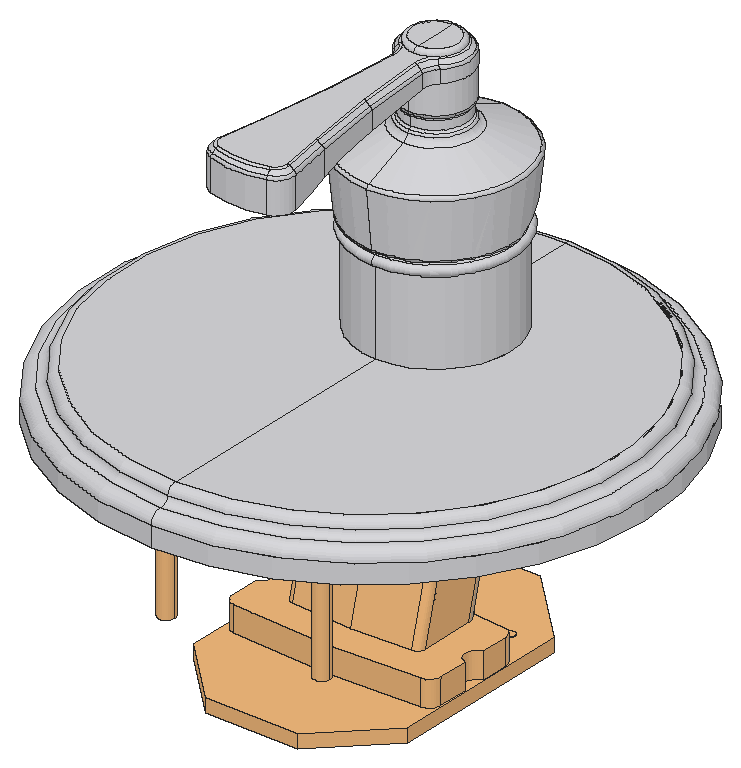
Revit family "Shower-Valve_Trim-KOHLER-MODULO-K-72808T", category Plumbing Fixtures, host Face, Revit 2017
Family settings
  Host = Face
  Round Connector Dimension = Use Diameter
  Part Type = Normal
  OmniClass Number = 23.31.25.00
  OmniClass Title = Toilet and Bath Specialties
  Cut with Voids When Loaded = No
  Shared = No
  Room Calculation Point = No
Parameters (values of type "CP-Polished Chrome")
  Width = 7 11/128"  # constant formula
  WaterSense Certified = 1 = 0  # no
  Waste Water Outlet = "Waste Water Outlet"  # constant formula
  Waste Connection = 1 = 0  # no
  Vent Connection = 1 = 0  # no
  URL = "http://www.kohler.com.cn/"
  Type = 1
  Tempered Water Outlet 2 = "Tempered Water Outlet 2"  # constant formula
  Tempered Water Outlet 1 = "Tempered Water Outlet 1"  # constant formula
  Product Page URL = ""
  Product Name = "MODULO"  # constant formula
  Product Documentation Link = ""
  Pressure = 0.00 psi
  Model = "K-72808T-4-CP"  # constant formula
  Material = "Premium Metal Construction"  # constant formula
  Master Format 2014 Name = "Toilet, Bath, and Laundry Accessories"  # constant formula
  Master Format 2014 = "10 28 00"  # constant formula
  Manufacturer Address = "Kohler Beijing Office (100016) 36-2-03-B, No. 88, Liuxiang Road, Beijing"  # constant formula
  Manufacturer = "KOHLER Co."  # constant formula
  Length = 3 55/64"  # constant formula
  Hot Water Inlet = "Hot Water Inlet"  # constant formula
  Height = 7 11/128"  # constant formula
  Handle Clearance = 3 29/128"  # constant formula
  HW Connection = 1 = 1  # yes
  Flow Rate = 0 GPM
  Finish = Kohler-Metal-CP-Polished_Chrome
  Environmental Product Declaration = ""
  Drain Included = 1 = 0  # no
  Description = "Classic Shower Only Trim and Valve"  # constant formula
  Default Elevation = 42"
  Declare Label = ""
  Date Modified = "07/30/2020"  # constant formula
  Date Created = "07/30/2020"  # constant formula
  Copyright = "Copyright KOHLER Co."  # constant formula
  Contact Us = "http://www.kohler.com.cn/contact/contact-us/"
  Cold Water Inlet = "Cold Water Inlet"  # constant formula
  CW Connection = 1 = 1  # yes
  Assembly Code = "D2010700"
  ADA Compliant = 1 = 0  # no
Reference planes (in)
  plane 1 "Center (Front/Back)": y = 0
  plane 2: z = 0
  plane 3 "Center (Left/Right)": x = 0
  plane 4: y = 3.5433071
  plane 5: y = -3.5426304
  plane 6: y = 1.0433071
  plane 7: y = 2.0079287
  plane 8: y = 0.0786855
  plane 9: x = -0.963426
  plane 10: x = 0.963426
  plane 11: y = -2.1832554
  plane 12: x = -3.5433071
  plane 13: x = 3.5426304
  plane 14: z = -2.84375
  plane 15: z = 0.5905512
  plane 16: z = 3.859375
Forms (in)
  Extrusion 1, void
    sketch origin (0, 0, 0) x (1, 0, 0) y (0, 1, 0)
      loop
        arc (-1.9747094, -2.0096923) -> (-1.6818162, -2.7167991) -> (-0.9747094, -3.0096923) r 1
        line (-0.9747094, -3.0096923) -> (0.9622984, -3.0096923)
        arc (0.9622984, -3.0096923) -> (1.6694052, -2.7167991) -> (1.9622984, -2.0096923) r 1
        line (1.9622984, -2.0096923) -> (1.9622984, 2.0121457)
        arc (1.9622984, 2.0121457) -> (1.6694052, 2.7192525) -> (0.9622984, 3.0121457) r 1
        line (0.9622984, 3.0121457) -> (-0.9747094, 3.0121457)
        arc (-0.9747094, 3.0121457) -> (-1.6818162, 2.7192525) -> (-1.9747094, 2.0121457) r 1
        line (-1.9747094, 2.0121457) -> (-1.9747094, -2.0096923)
    from 0 to -2.84375
Dimensions and locks (in)
  "Width": plane 12 to plane 13
  "Height": plane 4 to plane 5
  locked: plane 15 to plane 2 at 0.5905512
  "Handle Clearance": plane 6 to plane 11
  "Length": plane 16 to plane 2
  aligned and locked: plane 2 to host face
  aligned and locked: level to host face
Automatic sketch dimensions
  host sketch curve to host sketch curve = 96"  (x2)
  Extrusion 1 sketch curve to plane 11 = 0.17356"  (x2)
  Extrusion 1 sketch curve to plane 9 = 1.01128"
  Extrusion 1 sketch curve to plane 9 = 0.01128"  (x2)
  plane 10 to Extrusion 1 sketch curve = 0.00113"  (x2)
  Extrusion 1 sketch curve to plane 7 = 0.00422"
Nested families (in)
  nested 1: "K-72808T" at (0, 0, 0), type "K-72808T"
Connectors (in)
  piping at (-0.963426, 1.0433071, -2.84375), diameter 0.5, driven by "HW Connection", driven by "Hot Water Inlet"
    settings: on nested 1, index 1, connector inside diameter 24", connector length 0", flow factor 0, pipe flow 0 GPM, pressure drop 0.00 psi, fitting loss kfactor 0, connector angle 0.00°, fixture units 0, engagement length 0", angle of deflection 0.00°, flow configuration 0, flow direction 1, fitting loss method 0, system type 19, joint type 0, gender type 0, connector reference index -1, connector utility 1, adjustable connector no, is connector primary yes, connector description "Hot Water Inlet"
  piping at (0, 0, -2.84375), diameter 0.5, driven by "HW Connection", driven by "Tempered Water Outlet 2"
    settings: on nested 1, index 2, connector inside diameter 24", connector length 0", flow factor 0, pipe flow 0 GPM, pressure drop 0.00 psi, fitting loss kfactor 0, connector angle 0.00°, fixture units 0, engagement length 0", angle of deflection 0.00°, flow configuration 0, flow direction 2, fitting loss method 0, system type 19, joint type 0, gender type 0, connector reference index -1, connector utility 1, adjustable connector no, is connector primary no, connector description "Tempered Water Outlet 2"
  piping at (0.963426, 1.0433071, -2.84375), diameter 0.5, driven by "CW Connection", driven by "Cold Water Inlet"
    settings: on nested 1, index 3, connector inside diameter 24", connector length 0", flow factor 0, pipe flow 0 GPM, pressure drop 0.00 psi, fitting loss kfactor 0, connector angle 0.00°, fixture units 0, engagement length 0", angle of deflection 0.00°, flow configuration 0, flow direction 1, fitting loss method 0, system type 20, joint type 0, gender type 0, connector reference index -1, connector utility 1, adjustable connector no, is connector primary no, connector description "Cold Water Inlet"
  piping at (0, 2.0079287, -2.84375), diameter 0.5, driven by "HW Connection", driven by "Tempered Water Outlet 1"
    settings: on nested 1, index 4, connector inside diameter 24", connector length 0", flow factor 0, pipe flow 0 GPM, pressure drop 0.00 psi, fitting loss kfactor 0, connector angle 0.00°, fixture units 0, engagement length 0", angle of deflection 0.00°, flow configuration 0, flow direction 2, fitting loss method 0, system type 19, joint type 0, gender type 0, connector reference index -1, connector utility 1, adjustable connector no, is connector primary no, connector description "Tempered Water Outlet 1"
Definition of nested family "K-72808T"
  Parameters (values of type "K-72808T")
    Material = none
  Reference planes (in)
    plane 1 "Center (Front/Back)": y = 0
    plane 2: z = 0
    plane 3 "Center (Left/Right)": x = 0
    plane 4: x = -3.5433071
    plane 5: x = 3.5433071
    plane 6: y = 3.5433071
    plane 7: y = -3.5433071
    plane 8: z = 0.5905512
    plane 9: x = -0.963426
    plane 10: x = 0.963426
    plane 11: z = 3.8582677
    plane 12: y = 1.0433071
    plane 13: y = -2.1850394
    plane 14: y = 0.0786855
    plane 15: y = 2.0079287
  Forms (in)
    Revolve 1, solid, material <- "Material", detail levels medium+fine
      sketch origin (0, 0, 0) x (0, 1, 0) y (0, 0, 1)
        loop
          line (0, 0.5905512) -> (0, 0) -> (3.5433071, 0) -> (3.5433071, 0.2491739)
          arc (3.5433071, 0.2491739) -> (3.4952503, 0.3572053) -> (3.3828346, 0.393852) r 0.1454554
          arc (3.3828346, 0.393852) -> (3.3095899, 0.4155773) -> (3.2730358, 0.4826636) r 0.1000437
          arc (3.2730358, 0.4826636) -> (3.2336493, 0.5596192) -> (3.1529233, 0.5905512) r 0.1208051
          line (3.1529233, 0.5905512) -> (0, 0.5905512)
        axis (0, 0.5905512) -> (0, 0)
      angle from 0 to 360
    Extrusion 2, void
      sketch origin (0, 0, 0) x (0, 1, 0) y (0, 0, 1)
        loop
          line (2.1844029, 2.3905337) -> (0.8783445, 1.7535264) -> (2.128672, 1.7535264) -> (2.1844029, 2.3905337)
      from -1.107446 to 1.1761075
    Revolve 3, solid, material <- "Material", detail levels medium+fine
      sketch origin (0, 0, 0) x (0, 1, 0) y (0, 0, 1)
        loop
          line (1.0433071, 2.3622047) -> (0.337928, 2.3622047)
          arc (0.337928, 2.3622047) -> (0.2828214, 2.3478194) -> (0.2417775, 2.3083343) r 0.1127422
          arc (0.2417775, 2.3083343) -> (0.1516667, 2.0851397) -> (0.1390722, 1.8447709) r 0.7297058
          arc (0.1390722, 1.8447709) -> (0.1253206, 1.8051196) -> (0.0857918, 1.79102) r 0.0485276
          arc (0.0857918, 1.79102) -> (0.0201134, 1.7353335) -> (0.0786855, 1.6722151) r 0.0595684
          line (0.0786855, 1.6722151) -> (0.0786855, 0.5905512) -> (1.0433071, 0.5905512) -> (1.0433071, 2.3622047)
        axis (1.0433071, 2.3622047) -> (1.0433071, 0.5905512)
      angle from 0 to 360
    Revolve 4, solid, material <- "Material", detail levels medium+fine
      sketch origin (0, 0, 0) x (0, 1, 0) y (0, 0, 1)
        loop
          line (1.0433071, 1.8503937) -> (1.0433071, 3.5960487) -> (0.6101426, 3.5960487) -> (0.6101426, 3.223076)
          arc (0.6101426, 3.223076) -> (0.6160835, 3.1995603) -> (0.6324804, 3.1816878) r 0.0495117
          arc (0.6324804, 3.1816878) -> (0.6450152, 3.168025) -> (0.6495567, 3.1500481) r 0.0378498
          line (0.6495567, 3.1500481) -> (0.6495567, 3.0355959)
          arc (0.6495567, 3.0355959) -> (0.6440988, 3.0176141) -> (0.6295666, 3.0056998) r 0.0323505
          arc (0.6295666, 3.0056998) -> (0.6132677, 2.9940245) -> (0.6038306, 2.9763352) r 0.0440551
          arc (0.6038306, 2.9763352) -> (0.5775754, 2.9268423) -> (0.5322603, 2.8938968) r 0.1243568
          line (0.5322603, 2.8938968) -> (-0.028858, 2.6557163)
          arc (-0.028858, 2.6557163) -> (-0.0524201, 2.6350529) -> (-0.0590695, 2.6044273) r 0.0500364
          line (-0.0590695, 2.6044273) -> (0.0176272, 1.8747064)
          arc (0.0176272, 1.8747064) -> (0.0264618, 1.8573675) -> (0.0446292, 1.8503937) r 0.0271508
          line (0.0446292, 1.8503937) -> (1.0433071, 1.8503937)
        loop
          line (1.0433071, 3.8582677) -> (1.0433071, 3.9173228) -> (0.7571833, 3.9173228)
          arc (0.7571833, 3.9173228) -> (0.7166459, 3.8998006) -> (0.701635, 3.8582677) r 0.0556524
          line (0.701635, 3.8582677) -> (1.0433071, 3.8582677)
        axis (1.0433071, 3.9173228) -> (1.0433071, 1.8503937)
      angle from 0 to 360
    Sweep 5, solid, material <- "Material", detail levels medium+fine
      path origin (0, -0.4724409, 0) x (1, 0, 0) y (0, 1, 0)
        loop
          arc (-0.3001262, 1.203409) -> (-0.2431844, 1.117522) -> (-0.2282258, 1.0155653) r 0.2362205
          line (-0.2282258, 1.0155653) -> (-0.2951242, 0.1157434)
          arc (-0.2951242, 0.1157434) -> (-0.3452441, -0.3534696) -> (-0.4254602, -0.8184838) r 7.3277672
          arc (-0.4254602, -0.8184838) -> (-0.4800913, -1.1078732) -> (-0.5251796, -1.3989021) r 8.9572646
          arc (-0.5251796, -1.3989021) -> (-0.4907073, -1.5576742) -> (-0.3618467, -1.6566281) r 0.2362205
          arc (-0.3618467, -1.6566281) -> (0.0002549, -1.7118627) -> (0.3622387, -1.6558613) r 1.2061596
          arc (0.3622387, -1.6558613) -> (0.4907604, -1.5568392) -> (0.5250921, -1.3982688) r 0.2362205
          arc (0.5250921, -1.3982688) -> (0.4800372, -1.1075582) -> (0.4254602, -0.8184838) r 8.9572646
          arc (0.4254602, -0.8184838) -> (0.3452441, -0.3534696) -> (0.2951242, 0.1157434) r 7.3277672
          line (0.2951242, 0.1157434) -> (0.2282258, 1.0155653)
          arc (0.2282258, 1.0155653) -> (0.2431844, 1.117522) -> (0.3001262, 1.203409) r 0.2362205
          arc (0.3001262, 1.203409) -> (0, 1.9489125) -> (-0.3001262, 1.203409) r 0.4331644
      profile origin (0, 1.4764715, 0) x (0, 1, 0) y (0, 0, 1)
        loop
          arc (0, 3.7559212) -> (-0.0045589, 3.7788403) -> (-0.0175415, 3.7982701) r 0.0598904
          line (-0.0175415, 3.7982701) -> (-0.0649969, 3.8457256)
          arc (-0.0649969, 3.8457256) -> (-0.0788893, 3.8550081) -> (-0.0952764, 3.8582677) r 0.0428216
          line (-0.0952764, 3.8582677) -> (-0.1274979, 3.8582677) -> (-0.1274979, 3.3547716) -> (0, 3.3547716) -> (0, 3.7559212)
    Extrusion 6, solid, material <- "Material", detail levels medium+fine
      sketch origin (0, 0, 0) x (1, 0, 0) y (0, 1, 0)
        loop
          arc (0.3238399, -2.0067241) -> (0.3829932, -1.9611483) -> (0.3987946, -1.8881649) r 0.1087225
          arc (0.3987946, -1.8881649) -> (0.3543811, -1.6015922) -> (0.3005809, -1.3166326) r 8.8297667
          arc (0.3005809, -1.3166326) -> (0.2189692, -0.8435274) -> (0.1679772, -0.3661505) r 7.4552651
          line (0.1679772, -0.3661505) -> (0.1010787, 0.5336714)
          arc (0.1010787, 0.5336714) -> (0.1241112, 0.6906584) -> (0.2117869, 0.8229021) r 0.3637184
          arc (0.2117869, 0.8229021) -> (0, 1.3489736) -> (-0.2117869, 0.8229021) r 0.3056665
          arc (-0.2117869, 0.8229021) -> (-0.1241112, 0.6906584) -> (-0.1010787, 0.5336714) r 0.3637184
          line (-0.1010787, 0.5336714) -> (-0.1679772, -0.3661505)
          arc (-0.1679772, -0.3661505) -> (-0.2189692, -0.8435274) -> (-0.3005809, -1.3166326) r 7.4552651
          arc (-0.3005809, -1.3166326) -> (-0.3544344, -1.6019027) -> (-0.3988809, -1.8887891) r 8.8297667
          arc (-0.3988809, -1.8887891) -> (-0.3830147, -1.9618654) -> (-0.3237055, -2.0074098) r 0.1087225
          arc (-0.3237055, -2.0074098) -> (0.0001199, -2.0568058) -> (0.3238399, -2.0067241) r 1.0786617
      from 3.3547716 to 3.8582677
    Extrusion 7, void
      sketch origin (0, 0, 0) x (0, 1, 0) y (0, 0, 1)
        loop
          line (0.6308972, 3.5925226) -> (-0.6297933, 3.5043665)
          arc (-0.6297933, 3.5043665) -> (-1.6422513, 3.3903765) -> (-2.6414553, 3.1912379) r 12.0461767
          line (-2.6414553, 3.1912379) -> (1.8041904, 3.1912379) -> (1.8041904, 3.5960487) -> (0.7318711, 3.5960487)
          arc (0.7318711, 3.5960487) -> (0.6813534, 3.5951669) -> (0.6308972, 3.5925226) r 1.4475207
      from -0.7885205 to 1.0178534
    Extrusion 8, solid, detail levels medium+fine
      sketch origin (-0.0039572, 0.0039234, 0) x (1, 0, 0) y (0, 1, 0)
        loop
          line (-0.9707522, -3.0153997) -> (0.9662556, -3.0153997)
          arc (0.9662556, -3.0153997) -> (1.6733624, -2.7225065) -> (1.9662556, -2.0153997) r 1
          line (1.9662556, -2.0153997) -> (1.9662556, 2.0082223)
          arc (1.9662556, 2.0082223) -> (1.6733624, 2.7153291) -> (0.9662556, 3.0082223) r 1
          line (0.9662556, 3.0082223) -> (-0.9707522, 3.0082223)
          arc (-0.9707522, 3.0082223) -> (-1.677859, 2.7153291) -> (-1.9707522, 2.0082223) r 1
          line (-1.9707522, 2.0082223) -> (-1.9707522, -2.0153997)
          arc (-1.9707522, -2.0153997) -> (-1.677859, -2.7225065) -> (-0.9707522, -3.0153997) r 1
      from -0.0798207 to 0
    Extrusion 9, solid, detail levels medium+fine
      sketch origin (0.0054305, 0.002442, 0) x (1, 0, 0) y (0, 1, 0)
        loop
          circle (1.0016763, 2.0434171) r 0.1027134
        loop
          circle (1.0016763, -2.0505944) r 0.1027134
        loop
          circle (-1.0061729, 2.0434171) r 0.1027134
        loop
          circle (-1.0061729, -2.0505944) r 0.1027134
      from -1.7904444 to -0.0798207
    Sweep 10, solid, detail levels medium+fine
      path origin (0.0029841, 0.0079775, -0.0047873) x (0, 1, 0) y (0, 0, 1)
        loop
          line (0.7831082, -2.7950176) -> (1.5334168, 0.005172)
      profile origin (0.0029841, 1.16624, -1.3997101) x (0, -0.965926, 0.258819) y (1, 0, 0)
        loop
          arc (0.2520868, 0.4860006) -> (0.2196104, 0.4197748) -> (0.150885, 0.3929904) r 0.1015625
          line (0.150885, 0.3929904) -> (0.1112245, 0.3929904)
          arc (0.1112245, 0.3929904) -> (0.0415443, 0.3649562) -> (0.0106944, 0.296476) r 0.1006136
          line (0.0106944, 0.296476) -> (-0.0014863, -0.0022483) -> (0.0106573, -0.3000624)
          arc (0.0106573, -0.3000624) -> (0.0417981, -0.3691884) -> (0.1121355, -0.397487) r 0.1015625
          line (0.1121355, -0.397487) -> (0.1430725, -0.397487)
          arc (0.1430725, -0.397487) -> (0.2117979, -0.4242714) -> (0.2442743, -0.4904972) r 0.1015625
          line (0.2442743, -0.4904972) -> (0.2694927, -0.7889133)
          arc (0.2694927, -0.7889133) -> (0.3019691, -0.8551391) -> (0.3706945, -0.8819235) r 0.1015625
          line (0.3706945, -0.8819235) -> (1.0518713, -0.8819235)
          arc (1.0518713, -0.8819235) -> (1.1218479, -0.8539695) -> (1.1533039, -0.7854957) r 0.1015625
          line (1.1533039, -0.7854957) -> (1.1929535, -0.0022483) -> (1.1546881, 0.7536554)
          arc (1.1546881, 0.7536554) -> (1.1232321, 0.8221292) -> (1.0532555, 0.8500831) r 0.1015625
          line (1.0532555, 0.8500831) -> (0.3761962, 0.8500831)
          arc (0.3761962, 0.8500831) -> (0.3074709, 0.8232988) -> (0.2749944, 0.757073) r 0.1015625
          line (0.2749944, 0.757073) -> (0.2520868, 0.4860006)
    Extrusion 11, solid, detail levels medium+fine
      sketch origin (-0.0095638, -0.0002531, 0) x (1, 0, 0) y (0, 1, 0)
        loop
          arc (0.694391, 0.6972373) -> (0.6188357, 0.734497) -> (0.5883029, 0.8130121) r 0.1162171
          line (0.5883029, 0.8130121) -> (0.5883029, 0.8663198)
          arc (0.5883029, 0.8663198) -> (0.5338062, 1.0019141) -> (0.4006311, 1.0620812) r 0.1959357
          line (0.4006311, 1.0620812) -> (-0.0022483, 1.0790885) -> (-0.4057246, 1.062056)
          arc (-0.4057246, 1.062056) -> (-0.5384762, 1.0020802) -> (-0.5927995, 0.8669173) r 0.1953125
          line (-0.5927995, 0.8669173) -> (-0.5927995, 0.8139014)
          arc (-0.5927995, 0.8139014) -> (-0.6235873, 0.7347306) -> (-0.6997734, 0.6971598) r 0.1171875
          line (-0.6997734, 0.6971598) -> (-1.2151732, 0.6520682)
          arc (-1.2151732, 0.6520682) -> (-1.3116756, 0.6044784) -> (-1.3506735, 0.5041955) r 0.1484375
          line (-1.3506735, 0.5041955) -> (-1.3506735, 0.1460047)
          arc (-1.3506735, 0.1460047) -> (-1.2431925, -0.0035887) -> (-1.3506735, -0.153182) r 0.1578434
          line (-1.3506735, -0.153182) -> (-1.3506735, -0.5323436)
          arc (-1.3506735, -0.5323436) -> (-1.3099088, -0.6345212) -> (-1.2100046, -0.6805777) r 0.1484375
          line (-1.2100046, -0.6805777) -> (-0.0022483, -0.7438735) -> (1.205508, -0.6805777)
          arc (1.205508, -0.6805777) -> (1.3054122, -0.6345212) -> (1.3461769, -0.5323436) r 0.1484375
          line (1.3461769, -0.5323436) -> (1.3461769, -0.153182)
          arc (1.3461769, -0.153182) -> (1.2367418, -0.0035887) -> (1.3461769, 0.1460047) r 0.1569616
          line (1.3461769, 0.1460047) -> (1.3461769, 0.5037125)
          arc (1.3461769, 0.5037125) -> (1.3070405, 0.6043515) -> (1.2101955, 0.6521102) r 0.1489646
          line (1.2101955, 0.6521102) -> (0.694391, 0.6972373)
      from -2.8219867 to -2.3488909
    Extrusion 12, solid, detail levels medium+fine
      sketch origin (-0.0135013, 0.073192, 0) x (1, 0, 0) y (0, 1, 0)
        loop
          line (-1.3802011, 1.1775137) -> (-1.3802011, -1.184691) -> (-0.5927995, -1.9720926) -> (0.5883029, -1.9720926) -> (1.3757045, -1.184691) -> (1.3757045, 1.1775137) -> (0.4652714, 2.0879468) -> (-0.469768, 2.0879468) -> (-1.3802011, 1.1775137)
      from -2.84375 to -2.6771654
    Extrusion 13, void
      sketch origin (0, 0, 0) x (0, 1, 0) y (0, 0, 1)
        loop
          line (1.7428469, -0.0798207) -> (1.7428469, 0.7075809) -> (0.0678894, 0.7075809) -> (0.0678894, -0.0798207) -> (1.7428469, -0.0798207)
      from -3.6901021 to 4.033548
    Extrusion 14, solid, detail levels coarse
      sketch origin (0, 0, 0) x (1, 0, 0) y (0, 1, 0)
        loop
          line (-1.3937024, 1.2507057) -> (-1.3937024, -1.1114991) -> (-0.6063008, -1.8989006) -> (0.5748015, -1.8989006) -> (1.3622031, -1.1114991) -> (1.3622031, 1.2507057) -> (0.45177, 2.1611387) -> (-0.4832693, 2.1611387) -> (-1.3937024, 1.2507057)
      from 0 to -2.84375
    Extrusion 15, solid, material <- "Material", detail levels coarse
      sketch origin (0, 0, 0) x (1, 0, 0) y (0, 1, 0)
        loop
          circle (0, 0) r 3.5433071
      from 0 to 0.5905512
    Revolve 16, solid, material <- "Material", detail levels coarse
      sketch origin (0, 0, 0) x (0, 1, 0) y (0, 0, 1)
        loop
          line (1.0433071, 3.8582677) -> (0.6101426, 3.8582677) -> (0.6101426, 2.9256093) -> (-0.0605174, 2.640931) -> (0.0079539, 1.8583004) -> (0.0786855, 1.8583004) -> (0.0786855, 0.5905512) -> (1.0433071, 0.5905512) -> (1.0433071, 3.8582677)
        axis (1.0433071, 0.5905512) -> (1.0433071, 3.8582677)
      angle from 0 to 360
    Extrusion 17, solid, material <- "Material", detail levels coarse
      sketch origin (0, 0, 0) x (1, 0, 0) y (0, 1, 0)
        loop
          arc (-0.4254602, -1.2909248) -> (-0.4392836, -1.359426) -> (-0.4525722, -1.4280329) r 8.9572646
          line (-0.4525722, -1.4280329) -> (-0.5239228, -1.8785231)
          arc (-0.5239228, -1.8785231) -> (-0.4973917, -2.0227411) -> (-0.3862677, -2.1184186) r 0.2204724
          arc (-0.3862677, -2.1184186) -> (-0.1959853, -2.1682621) -> (0, -2.1850394) r 1.1531013
          arc (0, -2.1850394) -> (0.184534, -2.1716595) -> (0.3652078, -2.1318) r 1.2792326
          arc (0.3652078, -2.1318) -> (0.4914821, -2.02882) -> (0.5223885, -1.868836) r 0.2389621
          line (0.5223885, -1.868836) -> (0.4525722, -1.4280329)
          arc (0.4525722, -1.4280329) -> (0.4392836, -1.359426) -> (0.4254602, -1.2909248) r 8.9572646
          arc (0.4254602, -1.2909248) -> (0.3452441, -0.8259106) -> (0.2951242, -0.3566976) r 7.3277672
          line (0.2951242, -0.3566976) -> (0.191039, 1.0433071) -> (-0.191039, 1.0433071) -> (-0.2951242, -0.3566976)
          arc (-0.2951242, -0.3566976) -> (-0.3452441, -0.8259106) -> (-0.4254602, -1.2909248) r 7.3277672
      from 3.5962119 to 3.8582677
    Extrusion 18, solid, detail levels medium+fine
      sketch origin (0, 0, 0) x (1, 0, 0) y (0, 1, 0)
        loop
          circle (-0.963426, 1.0433071) r 0.0493939
        loop
          circle (0, 0) r 0.0478892
        loop
          circle (0.963426, 1.0433071) r 0.0632344
        loop
          circle (0, 2.0079287) r 0.0617061
      from -2.6771654 to -2.84375
  Cuts and joins
    Extrusion 2 cuts Revolve 4
    Extrusion 13 cuts Sweep 10
    joined: Extrusion 8, Extrusion 9, Sweep 10, Extrusion 11, Extrusion 12
    Extrusion 7 cuts Sweep 5
    Extrusion 7 cuts Extrusion 6
    joined: Revolve 1, Revolve 3, Sweep 5, Extrusion 6
    joined: Extrusion 15, Revolve 16, Extrusion 17
  Lines and regions (in)
    Masking region 1
      outline origin (0, 0, 0) x (0, 1, 0) y (0, 0, 1)
        loop
          line (3.5433071, 0) -> (3.5433071, 0.2491739)
          arc (3.5433071, 0.2491739) -> (3.4952503, 0.3572053) -> (3.3828346, 0.393852) r 0.1454554
          arc (3.3828346, 0.393852) -> (3.3095899, 0.4155773) -> (3.2730358, 0.4826636) r 0.1000437
          arc (3.2730358, 0.4826636) -> (3.2336493, 0.5596192) -> (3.1529233, 0.5905512) r 0.1208051
          line (3.1529233, 0.5905512) -> (2.0079287, 0.5905512) -> (2.0079287, 1.6722151)
          arc (2.0079287, 1.6722151) -> (2.0681827, 1.7360916) -> (2.0009012, 1.792518) r 0.0603567
          arc (2.0009012, 1.792518) -> (1.9617164, 1.8060283) -> (1.9478413, 1.8450854) r 0.0477726
          arc (1.9478413, 1.8450854) -> (1.9416662, 2.0483448) -> (1.8804337, 2.2422601) r 0.7404933
          line (1.8804337, 2.2422601) -> (2.1223081, 2.3571968) -> (2.1442901, 2.6084521)
          arc (2.1442901, 2.6084521) -> (2.1380513, 2.635475) -> (2.1171204, 2.6536699) r 0.0448741
          line (2.1171204, 2.6536699) -> (1.5735152, 2.8844167)
          arc (1.5735152, 2.8844167) -> (1.5218357, 2.9186485) -> (1.4858915, 2.9691521) r 0.169759
          arc (1.4858915, 2.9691521) -> (1.4728285, 2.9890201) -> (1.4545783, 3.0042618) r 0.0813426
          arc (1.4545783, 3.0042618) -> (1.4418759, 3.0174602) -> (1.4372478, 3.0351839) r 0.0362518
          line (1.4372478, 3.0351839) -> (1.4372478, 3.1501924)
          arc (1.4372478, 3.1501924) -> (1.4414335, 3.167232) -> (1.4530379, 3.180393) r 0.0367764
          arc (1.4530379, 3.180393) -> (1.4702596, 3.1999249) -> (1.4764715, 3.2252131) r 0.0545792
          line (1.4764715, 3.2252131) -> (1.4764715, 3.7575618)
          arc (1.4764715, 3.7575618) -> (1.4722201, 3.778935) -> (1.4601132, 3.7970543) r 0.0558508
          line (1.4601132, 3.7970543) -> (1.414175, 3.8429925)
          arc (1.414175, 3.8429925) -> (1.4007445, 3.8528615) -> (1.3849791, 3.8582677) r 0.0551504
          arc (1.3849791, 3.8582677) -> (1.3702009, 3.899748) -> (1.3298078, 3.9172808) r 0.0552964
          line (1.3298078, 3.9172808) -> (0.7568064, 3.9172808)
          arc (0.7568064, 3.9172808) -> (0.7164132, 3.899748) -> (0.701635, 3.8582677) r 0.0552964
          line (0.701635, 3.8582677) -> (-2.087247, 3.8582677)
          arc (-2.087247, 3.8582677) -> (-2.1046584, 3.8548044) -> (-2.1194191, 3.8449416) r 0.0454982
          line (-2.1194191, 3.8449416) -> (-2.164588, 3.7997727)
          arc (-2.164588, 3.7997727) -> (-2.1791802, 3.7779339) -> (-2.1843043, 3.7521734) r 0.0673155
          line (-2.1843043, 3.7521734) -> (-2.1843043, 3.379787)
          arc (-2.1843043, 3.379787) -> (-2.1769775, 3.3620984) -> (-2.1592889, 3.3547716) r 0.0250154
          line (-2.1592889, 3.3547716) -> (-2.0803775, 3.3547716)
          arc (-2.0803775, 3.3547716) -> (-1.9419288, 3.360362) -> (-1.8043816, 3.3770967) r 1.7171713
          arc (-1.8043816, 3.3770967) -> (-1.2579153, 3.4532832) -> (-0.7085335, 3.5043665) r 12.0461767
          line (-0.7085335, 3.5043665) -> (0.5164915, 3.5900286)
          arc (0.5164915, 3.5900286) -> (0.5823034, 3.5667234) -> (0.6101426, 3.5026975) r 0.0875443
          line (0.6101426, 3.5026975) -> (0.6101426, 3.2252131)
          arc (0.6101426, 3.2252131) -> (0.6163546, 3.1999249) -> (0.6335763, 3.180393) r 0.0545792
          arc (0.6335763, 3.180393) -> (0.6451806, 3.167232) -> (0.6493663, 3.1501924) r 0.0367764
          line (0.6493663, 3.1501924) -> (0.6493663, 3.0351839)
          arc (0.6493663, 3.0351839) -> (0.6447383, 3.0174602) -> (0.6320359, 3.0042618) r 0.0362518
          arc (0.6320359, 3.0042618) -> (0.6137857, 2.9890201) -> (0.6007227, 2.9691521) r 0.0813426
          arc (0.6007227, 2.9691521) -> (0.5647785, 2.9186485) -> (0.513099, 2.8844167) r 0.169759
          line (0.513099, 2.8844167) -> (-0.0305063, 2.6536699)
          arc (-0.0305063, 2.6536699) -> (-0.0514372, 2.635475) -> (-0.0576759, 2.6084521) r 0.0448741
          line (-0.0576759, 2.6084521) -> (0.0049033, 1.8931688)
          arc (0.0049033, 1.8931688) -> (0.0200539, 1.8624463) -> (0.05198, 1.8500309) r 0.0472565
          line (0.05198, 1.8500309) -> (0.1379756, 1.8500309)
          arc (0.1379756, 1.8500309) -> (0.1266309, 1.8078378) -> (0.085713, 1.792518) r 0.0477726
          arc (0.085713, 1.792518) -> (0.0184315, 1.7360916) -> (0.0786855, 1.6722151) r 0.0603567
          line (0.0786855, 1.6722151) -> (0.0786855, 0.5905512) -> (-3.1529233, 0.5905512)
          arc (-3.1529233, 0.5905512) -> (-3.2336493, 0.5596192) -> (-3.2730358, 0.4826636) r 0.1208051
          arc (-3.2730358, 0.4826636) -> (-3.3095899, 0.4155773) -> (-3.3828346, 0.393852) r 0.1000437
          arc (-3.3828346, 0.393852) -> (-3.4952503, 0.3572053) -> (-3.5433071, 0.2491739) r 0.1454554
          line (-3.5433071, 0.2491739) -> (-3.5433071, 0) -> (0, 0) -> (3.5433071, 0)
    Masking region 2
      outline origin (0, 0, 0) x (1, 0, 0) y (0, 0, 1)
        loop
          line (3.5433071, 0) -> (3.5433071, 0.2491739)
          arc (3.5433071, 0.2491739) -> (3.4952503, 0.3572053) -> (3.3828346, 0.393852) r 0.1454554
          arc (3.3828346, 0.393852) -> (3.3095899, 0.4155773) -> (3.2730358, 0.4826636) r 0.1000437
          arc (3.2730358, 0.4826636) -> (3.2336493, 0.5596192) -> (3.1529233, 0.5905512) r 0.1208051
          line (3.1529233, 0.5905512) -> (0.9633657, 0.5905512) -> (0.9633657, 1.6722151)
          arc (0.9633657, 1.6722151) -> (1.0230562, 1.734691) -> (0.9579247, 1.7914721) r 0.0597526
          arc (0.9579247, 1.7914721) -> (0.9159234, 1.8078621) -> (0.9037989, 1.8512871) r 0.050449
          line (0.9037989, 1.8512871) -> (0.9990114, 1.8512871)
          arc (0.9990114, 1.8512871) -> (1.0168942, 1.8581517) -> (1.0255905, 1.875219) r 0.0267255
          line (1.0255905, 1.875219) -> (1.102127, 2.6034155)
          arc (1.102127, 2.6034155) -> (1.0952545, 2.6352265) -> (1.0708524, 2.6567604) r 0.0521244
          line (1.0708524, 2.6567604) -> (0.5038871, 2.9001857)
          arc (0.5038871, 2.9001857) -> (0.4691126, 2.9252075) -> (0.4481716, 2.9625816) r 0.0989634
          arc (0.4481716, 2.9625816) -> (0.4338874, 2.98937) -> (0.4104014, 3.0086071) r 0.0774271
          arc (0.4104014, 3.0086071) -> (0.3983182, 3.020078) -> (0.3938669, 3.0361331) r 0.0311793
          line (0.3938669, 3.0361331) -> (0.3938669, 3.1516876)
          arc (0.3938669, 3.1516876) -> (0.3970932, 3.167196) -> (0.4062368, 3.180131) r 0.0388863
          arc (0.4062368, 3.180131) -> (0.4260486, 3.2081579) -> (0.4330393, 3.2417607) r 0.084257
          line (0.4330393, 3.2417607) -> (0.4330393, 3.3547716) -> (0.5034632, 3.3547716)
          arc (0.5034632, 3.3547716) -> (0.5204586, 3.3618113) -> (0.5274983, 3.3788067) r 0.0240352
          line (0.5274983, 3.3788067) -> (0.5274983, 3.7478437)
          arc (0.5274983, 3.7478437) -> (0.5214502, 3.7782499) -> (0.5042264, 3.8040271) r 0.0794553
          line (0.5042264, 3.8040271) -> (0.4638923, 3.8443612)
          arc (0.4638923, 3.8443612) -> (0.4484888, 3.8546535) -> (0.430319, 3.8582677) r 0.0474798
          line (0.430319, 3.8582677) -> (0.3416721, 3.8582677)
          arc (0.3416721, 3.8582677) -> (0.3259798, 3.8999843) -> (0.2849916, 3.9174913) r 0.056735
          line (0.2849916, 3.9174913) -> (0, 3.9174913) -> (-0.2849916, 3.9174913)
          arc (-0.2849916, 3.9174913) -> (-0.3259798, 3.8999843) -> (-0.3416721, 3.8582677) r 0.056735
          line (-0.3416721, 3.8582677) -> (-0.430319, 3.8582677)
          arc (-0.430319, 3.8582677) -> (-0.4484888, 3.8546535) -> (-0.4638923, 3.8443612) r 0.0474798
          line (-0.4638923, 3.8443612) -> (-0.5042264, 3.8040271)
          arc (-0.5042264, 3.8040271) -> (-0.5214502, 3.7782499) -> (-0.5274983, 3.7478437) r 0.0794553
          line (-0.5274983, 3.7478437) -> (-0.5274983, 3.3788067)
          arc (-0.5274983, 3.3788067) -> (-0.5204586, 3.3618113) -> (-0.5034632, 3.3547716) r 0.0240352
          line (-0.5034632, 3.3547716) -> (-0.4330393, 3.3547716) -> (-0.4330393, 3.2417607)
          arc (-0.4330393, 3.2417607) -> (-0.4260486, 3.2081579) -> (-0.4062368, 3.180131) r 0.084257
          arc (-0.4062368, 3.180131) -> (-0.3970932, 3.167196) -> (-0.3938669, 3.1516876) r 0.0388863
          line (-0.3938669, 3.1516876) -> (-0.3938669, 3.0361331)
          arc (-0.3938669, 3.0361331) -> (-0.3983182, 3.020078) -> (-0.4104014, 3.0086071) r 0.0311793
          arc (-0.4104014, 3.0086071) -> (-0.4338874, 2.98937) -> (-0.4481716, 2.9625816) r 0.0774271
          arc (-0.4481716, 2.9625816) -> (-0.4691126, 2.9252075) -> (-0.5038871, 2.9001857) r 0.0989634
          line (-0.5038871, 2.9001857) -> (-1.0708524, 2.6567604)
          arc (-1.0708524, 2.6567604) -> (-1.0952545, 2.6352265) -> (-1.102127, 2.6034155) r 0.0521244
          line (-1.102127, 2.6034155) -> (-1.0255905, 1.875219)
          arc (-1.0255905, 1.875219) -> (-1.0168942, 1.8581517) -> (-0.9990114, 1.8512871) r 0.0267255
          line (-0.9990114, 1.8512871) -> (-0.9037989, 1.8512871)
          arc (-0.9037989, 1.8512871) -> (-0.9159234, 1.8078621) -> (-0.9579247, 1.7914721) r 0.050449
          arc (-0.9579247, 1.7914721) -> (-1.0230548, 1.7347212) -> (-0.963426, 1.6722151) r 0.0597526
          line (-0.963426, 1.6722151) -> (-0.963426, 0.5905512) -> (-3.1529233, 0.5905512)
          arc (-3.1529233, 0.5905512) -> (-3.2336493, 0.5596192) -> (-3.2730358, 0.4826636) r 0.1208051
          arc (-3.2730358, 0.4826636) -> (-3.3095899, 0.4155773) -> (-3.3828346, 0.393852) r 0.1000437
          arc (-3.3828346, 0.393852) -> (-3.4952503, 0.3572053) -> (-3.5433071, 0.2491739) r 0.1454554
          line (-3.5433071, 0.2491739) -> (-3.5433071, 0) -> (0, 0) -> (3.5433071, 0)
    Masking region 3
      outline origin (0, 0, 0) x (1, 0, 0) y (0, 1, 0)
        loop
          arc (-3.5433071, 0) -> (-2.6606757, -2.3400492) -> (-0.4525052, -3.5142943) r 3.5433071
          arc (-0.4525052, -3.5142943) -> (-0.2267172, -3.5360464) -> (0, -3.5433071) r 3.5433071
          arc (0, -3.5433071) -> (0.2267172, -3.5360464) -> (0.4525052, -3.5142943) r 3.5433071
          arc (0.4525052, -3.5142943) -> (2.6606757, -2.3400492) -> (3.5433071, 0) r 3.5433071
          arc (3.5433071, 0) -> (2.5054965, 2.5054965) -> (0, 3.5433071) r 3.5433071
          arc (0, 3.5433071) -> (-2.5054965, 2.5054965) -> (-3.5433071, 0) r 3.5433071
    Masking region 4, detail levels medium+fine
      outline origin (0, 0, 0) x (1, 0, 0) y (0, 0, 1)
        loop
          line (1.9622984, 0) -> (-1.9622984, 0) -> (-1.9622984, -0.0798207) -> (-1.1098202, -0.0798207) -> (-1.1098202, -1.7904444) -> (-0.9043934, -1.7904444) -> (-0.9043934, -0.0798207) -> (-0.8529076, -0.0798207) -> (-0.8529076, -2.3488909) -> (-1.3366131, -2.3488909) -> (-1.3366131, -2.6771654) -> (-1.3789393, -2.6771654) -> (-1.3789393, -2.84375) -> (0.0886268, -2.84375) -> (1.3789393, -2.84375) -> (1.3789393, -2.6771654) -> (1.3366131, -2.6771654) -> (1.3366131, -2.3488909) -> (0.8529076, -2.3488909) -> (0.8529076, -0.0798207) -> (0.9043934, -0.0798207) -> (0.9043934, -1.7904444) -> (1.1098202, -1.7904444) -> (1.1098202, -0.0798207) -> (1.9622984, -0.0798207) -> (1.9622984, 0)
    Masking region 5
      outline origin (0, 0, 0) x (0, 1, 0) y (0, 0, 1)
        loop
          line (3.0121457, 0) -> (-3.0114763, 0) -> (-3.0114763, -0.0798207) -> (-2.1508658, -0.0798207) -> (-2.1508658, -1.7904444) -> (-1.945439, -1.7904444) -> (-1.945439, -0.0798207) -> (0.284867, -0.0798207) -> (-0.3231286, -2.3488909) -> (-0.7441266, -2.3488909) -> (-0.7441266, -2.6771654) -> (-1.8989006, -2.6771654) -> (-1.8989006, -2.84375) -> (2.1611387, -2.84375) -> (2.1611387, -2.6771654) -> (1.0788354, -2.6771654) -> (1.0788354, -2.3488909) -> (0.9008745, -2.3488909) -> (1.50887, -0.0798207) -> (1.9431457, -0.0798207) -> (1.9431457, -1.7904444) -> (2.1485725, -1.7904444) -> (2.1485725, -0.0798207) -> (3.0121457, -0.0798207) -> (3.0121457, 0)
    symbolic lines, detail levels medium+fine
      curve 1: line (0, 3.5433071, 0.2491739) -> (0, -3.5433071, 0.2491739)
      curve 2: line (0, -3.3828346, 0.393852) -> (0, 3.4128688, 0.393852)
      curve 3: line (0, 3.2730358, 0.4826636) -> (0, -3.2730358, 0.4826636)
      curve 4: line (3.5433071, 0, 0.2491739) -> (-3.5433071, 0, 0.2491739)
      curve 5: line (3.3828346, 0, 0.393852) -> (-3.3828346, 0, 0.393852)
      curve 6: line (3.2730358, 0, 0.4826636) -> (-3.2730358, 0, 0.4826636)
      curve 7: line (0.9633657, 0, 0.5905512) -> (-0.9658775, 0, 0.5905512)
      curve 8: circle (-0.0029782, 0, 0) r 3.4503748 normal (0, 0, 1)
      curve 9: circle (0, 0, 0) r 3.3739333 normal (0, 0, 1)
      curve 10: circle (0, 0, 0) r 3.2779086 normal (0, 0, 1)
      curve 11: line (0, 2.0079287, 1.6722151) -> (0, 0.0786855, 1.6722151)
      curve 12: line (0, 2.0009012, 1.792518) -> (0, 0.085713, 1.792518)
      curve 13: line (0, 0.1379756, 1.8500309) -> (0, 1.0269224, 1.8500309)
      curve 14: line (0, 1.8804337, 2.2422601) -> (0, 1.0605296, 1.857524)
      curve 15: arc (0, 1.0605296, 1.857524) -> (0, 1.0441386, 1.8519269) -> (0, 1.0269224, 1.8500309) r 0.0791128
      curve 16: line (0, 2.1442901, 2.6084521) -> (0, -0.0576759, 2.6084521)
      curve 17: line (0, 2.1171204, 2.6536699) -> (0, -0.0305063, 2.6536699)
      curve 18: line (0, 1.5735152, 2.8844167) -> (0, 0.513099, 2.8844167)
      curve 19: line (0, 1.4858915, 2.9691521) -> (0, 0.6007227, 2.9691521)
      curve 20: line (0, 1.4545783, 3.0042618) -> (0, 0.6320359, 3.0042618)
      curve 21: line (0, 1.4372478, 3.0351839) -> (0, 0.6493663, 3.0351839)
      curve 22: line (0, 1.4372478, 3.1501924) -> (0, 0.6493663, 3.1501924)
      curve 23: line (0, 1.4530379, 3.180393) -> (0, 0.6335763, 3.180393)
      curve 24: line (0, 1.4764715, 3.2252131) -> (0, 0.6101426, 3.2252131)
      curve 25: line (0, 1.3849791, 3.8582677) -> (0, 0.701635, 3.8582677)
      curve 26: line (0, 1.4764715, 3.7575618) -> (0, -2.1840883, 3.7575618)
      curve 27: line (0, 1.4601132, 3.7970543) -> (0, -2.1673065, 3.7970543)
      curve 28: line (0.9633657, 0, 1.6722151) -> (-0.4530742, 0, 1.6722151)
      curve 29: line (-0.963426, 0, 1.6722151) -> (-0.4530742, 0, 1.6722151)
      curve 30: line (0.9579247, 0, 1.7914721) -> (-0.3974402, 0, 1.7914721)
      curve 31: line (-0.9579247, 0, 1.7914721) -> (-0.3974402, 0, 1.7914721)
      curve 32: arc (0.6004681, 0, 2.2695725) -> (0.303623, 0, 2.3372899) -> (0, 0, 2.3599997) r 2.03674
      curve 33: arc (0.9854058, 0, 1.9935395) -> (0.8154225, 0, 2.1629128) -> (0.6004681, 0, 2.2695725) r 0.7461545
      curve 34: arc (0.5180658, 0, 2.1724278) -> (0.2615425, 0, 2.2265573) -> (0, 0, 2.2447167) r 1.8925311
      curve 35: arc (0.7585048, 0, 2.065566) -> (0.6420569, 0, 2.127483) -> (0.5180658, 0, 2.1724278) r 0.9365157
      curve 36: arc (0.9060509, 0, 1.8512871) -> (0.854477, 0, 1.9737123) -> (0.7585048, 0, 2.065566) r 0.3273826
      curve 37: arc (1.0255905, 0, 1.875219) -> (1.0143877, 0, 1.9373984) -> (0.9854058, 0, 1.9935395) r 0.2125946
      curve 38: arc (-0.6004681, 0, 2.2695725) -> (-0.303623, 0, 2.3372899) -> (0, 0, 2.3599997) r 2.03674
      curve 39: arc (-0.9854058, 0, 1.9935395) -> (-0.8154225, 0, 2.1629128) -> (-0.6004681, 0, 2.2695725) r 0.7461545
      curve 40: arc (-1.0255905, 0, 1.875219) -> (-1.0143877, 0, 1.9373984) -> (-0.9854058, 0, 1.9935395) r 0.2125946
      curve 41: arc (-0.5180658, 0, 2.1724278) -> (-0.2615425, 0, 2.2265573) -> (0, 0, 2.2447167) r 1.8925311
      curve 42: arc (-0.7585048, 0, 2.065566) -> (-0.6420569, 0, 2.127483) -> (-0.5180658, 0, 2.1724278) r 0.9365157
      curve 43: arc (-0.9060509, 0, 1.8512871) -> (-0.854477, 0, 1.9737123) -> (-0.7585048, 0, 2.065566) r 0.3273826
      curve 44: line (1.102127, 0, 2.6034155) -> (-1.102127, 0, 2.6034155)
      curve 45: line (1.0708524, 0, 2.6567604) -> (-1.0708524, 0, 2.6567604)
      curve 46: line (0.5038871, 0, 2.9001857) -> (-0.5038871, 0, 2.9001857)
      curve 47: line (0.4481716, 0, 2.9625816) -> (-0.4481716, 0, 2.9625816)
      curve 48: line (0.4104014, 0, 3.0086071) -> (-0.4104014, 0, 3.0086071)
      curve 49: line (0.3938669, 0, 3.0361331) -> (-0.3938669, 0, 3.0361331)
      curve 50: line (0.3938669, 0, 3.1516876) -> (-0.3938669, 0, 3.1516876)
      curve 51: line (0.4062368, 0, 3.180131) -> (-0.4062368, 0, 3.180131)
      curve 52: line (0.4330393, 0, 3.2417607) -> (-0.4330393, 0, 3.2417607)
      curve 53: line (0.4330393, 0, 3.3547716) -> (0.4330393, 0, 3.7570538)
      curve 54: line (0.3643182, 0, 3.8492167) -> (0.4164634, 0, 3.7970714)
      curve 55: arc (0.4164634, 0, 3.7970714) -> (0.4287314, 0, 3.7787112) -> (0.4330393, 0, 3.7570538) r 0.0565935
      curve 56: arc (0.3416721, 0, 3.8582677) -> (0.3539247, 0, 3.856068) -> (0.3643182, 0, 3.8492167) r 0.0309351
      curve 57: line (0.3416721, 0, 3.8582677) -> (-0.3416721, 0, 3.8582677)
      curve 58: line (-0.4330393, 0, 3.3547716) -> (-0.4330393, 0, 3.7570538)
      curve 59: line (-0.3643182, 0, 3.8492167) -> (-0.4164634, 0, 3.7970714)
      curve 60: arc (-0.4164634, 0, 3.7970714) -> (-0.4287314, 0, 3.7787112) -> (-0.4330393, 0, 3.7570538) r 0.0565935
      curve 61: arc (-0.3416721, 0, 3.8582677) -> (-0.3539247, 0, 3.856068) -> (-0.3643182, 0, 3.8492167) r 0.0309351
      curve 62: line (0.5042264, 0, 3.8040271) -> (-0.5042264, 0, 3.8040271)
      curve 63: line (0.5274983, 0, 3.7478437) -> (-0.5274983, 0, 3.7478437)
      curve 64: arc (0.2704704, -0.0250898, 0) -> (0, 2.1454079, 0) -> (-0.2704704, -0.0250898, 0) r 1.1021008
      curve 65: arc (0.3001262, 0.730968, 0) -> (0, 1.4764715, 0) -> (-0.3001262, 0.730968, 0) r 0.4331644
      curve 66: circle (0, 1.0433071, 0) r 0.3416721 normal (0, 0, 1)
      curve 67: arc (-0.2282258, 0.5431243, 0) -> (-0.2431844, 0.6450811, 0) -> (-0.3001262, 0.730968, 0) r 0.2362205
      curve 68: line (-0.2282258, 0.5431243, 0) -> (-0.2951242, -0.3566976, 0)
      curve 69: arc (-0.4254602, -1.2909248, 0) -> (-0.3452441, -0.8259106, 0) -> (-0.2951242, -0.3566976, 0) r 7.3277672
      curve 70: arc (-0.4525722, -1.4280329, 0) -> (-0.4392836, -1.359426, 0) -> (-0.4254602, -1.2909248, 0) r 8.9572646
      curve 71: arc (0.2282258, 0.5431243, 0) -> (0.2431844, 0.6450811, 0) -> (0.3001262, 0.730968, 0) r 0.2362205
      curve 72: line (0.2282258, 0.5431243, 0) -> (0.2951242, -0.3566976, 0)
      curve 73: arc (0.4254602, -1.2909248, 0) -> (0.3452441, -0.8259106, 0) -> (0.2951242, -0.3566976, 0) r 7.3277672
      curve 74: arc (0.4525722, -1.4280329, 0) -> (0.4392836, -1.359426, 0) -> (0.4254602, -1.2909248, 0) r 8.9572646
      curve 75: arc (-0.2046687, 0.5413729, 0) -> (-0.2140874, 0.632497, 0) -> (-0.254544, 0.7146891, 0) r 0.2598425
      curve 76: line (-0.2046687, 0.5413729, 0) -> (-0.2715672, -0.3584489, 0)
      curve 77: arc (-0.4023233, -1.2956878, 0) -> (-0.3218487, -0.8291745, 0) -> (-0.2715672, -0.3584489, 0) r 7.3513892
      curve 78: arc (-0.429297, -1.4320824, 0) -> (-0.4160755, -1.3638326, 0) -> (-0.4023233, -1.2956878, 0) r 8.9336425
      curve 79: arc (0.254544, 0.7146891, 0) -> (0, 1.4589781, 0) -> (-0.254544, 0.7146891, 0) r 0.4156711
      curve 80: arc (0.2046687, 0.5413729, 0) -> (0.2140874, 0.632497, 0) -> (0.254544, 0.7146891, 0) r 0.2598425
      curve 81: line (0.2046687, 0.5413729, 0) -> (0.2715672, -0.3584489, 0)
      curve 82: arc (0.4023233, -1.2956878, 0) -> (0.3218487, -0.8291745, 0) -> (0.2715672, -0.3584489, 0) r 7.3513892
      curve 83: arc (0.429297, -1.4320824, 0) -> (0.4160755, -1.3638326, 0) -> (0.4023233, -1.2956878, 0) r 8.9336425
      curve 84: line (-0.429297, -1.4320824, 0) -> (-0.5005916, -1.8822184, 0)
      curve 85: line (0.429297, -1.4320824, 0) -> (0.4990573, -1.8725313, 0)
      curve 86: arc (-0.3776852, -2.0964108, 0) -> (-0.0113062, -2.1687054, 0) -> (0.3574143, -2.1095006, 0) r 1.0603699
      curve 87: arc (-0.5005916, -1.8822184, 0) -> (-0.4769031, -2.0109845, 0) -> (-0.3776852, -2.0964108, 0) r 0.1968504
      curve 88: arc (0.3574143, -2.1095006, 0) -> (0.4712061, -2.0167005, 0) -> (0.4990573, -1.8725313, 0) r 0.2153401
      curve 89: arc (-0.1261453, 0.535535, 0) -> (-0.1379952, 0.6527902, 0) -> (-0.1893181, 0.7588806, 0) r 0.3385827
      curve 90: line (-0.1261453, 0.535535, 0) -> (-0.1930437, -0.3642869, 0)
      curve 91: arc (-0.3252004, -1.3115644, 0) -> (-0.2438638, -0.8400543, 0) -> (-0.1930437, -0.3642869, 0) r 7.4301294
      curve 92: arc (-0.3517138, -1.4455842, 0) -> (-0.3387156, -1.3785232, 0) -> (-0.3252004, -1.3115644, 0) r 8.8549024
      curve 93: line (-0.3517138, -1.4455842, 0) -> (-0.4228208, -1.8945361, 0)
      curve 94: arc (-0.4228208, -1.8945361, 0) -> (-0.4086077, -1.9717957, 0) -> (-0.349077, -2.0230515, 0) r 0.1181102
      curve 95: arc (-0.349077, -2.0230515, 0) -> (-0.0099043, -2.0899777, 0) -> (0.331436, -2.0351693, 0) r 0.9816297
      curve 96: arc (0.331436, -2.0351693, 0) -> (0.4036193, -1.976302, 0) -> (0.4212866, -1.884849, 0) r 0.1365999
      curve 97: line (0.3517138, -1.4455842, 0) -> (0.4212866, -1.884849, 0)
      curve 98: arc (0.3517138, -1.4455842, 0) -> (0.3387156, -1.3785232, 0) -> (0.3252004, -1.3115644, 0) r 8.8549024
      curve 99: arc (0.3252004, -1.3115644, 0) -> (0.2438638, -0.8400543, 0) -> (0.1930437, -0.3642869, 0) r 7.4301294
      curve 100: line (0.1261453, 0.535535, 0) -> (0.1930437, -0.3642869, 0)
      curve 101: arc (0.1261453, 0.535535, 0) -> (0.1379952, 0.6527902, 0) -> (0.1893181, 0.7588806, 0) r 0.3385827
      curve 102: arc (0.2677035, 0.0121263, 0) -> (0, 2.1086704, 0) -> (-0.2677035, 0.0121263, 0) r 1.0653633
      curve 103: line (0, 2.0079287, 0.5905512) -> (0, 0.0786855, 0.5905512)
      curve 104: line (-0.4525722, -1.4280329, 0) -> (-0.5239228, -1.8785231, 0)
      curve 105: arc (-0.5239228, -1.8785231, 0) -> (-0.4973917, -2.0227411, 0) -> (-0.3862677, -2.1184186, 0) r 0.2204724
      curve 106: line (0.4525722, -1.4280329, 0) -> (0.5223885, -1.868836, 0)
      curve 107: arc (0.3652078, -2.1318, 0) -> (0.4914821, -2.02882, 0) -> (0.5223885, -1.868836, 0) r 0.2389621
      curve 108: arc (-0.3862677, -2.1184186, 0) -> (-0.1959853, -2.1682621, 0) -> (0, -2.1850394, 0) r 1.1531013
      curve 109: arc (0, -2.1850394, 0) -> (0.184534, -2.1716595, 0) -> (0.3652078, -2.1318, 0) r 1.2792326
      curve 110: line (1.1098202, 0, -0.0798207) -> (0.9043934, 0, -0.0798207)
      curve 111: line (0.8530672, 0, -0.0798207) -> (-0.8529076, 0, -0.0798207)
      curve 112: line (-0.9043934, 0, -0.0798207) -> (-1.1098202, 0, -0.0798207)
      curve 113: line (0.8529076, 0, -2.3488909) -> (-0.8529076, 0, -2.3488909)
      curve 114: line (1.3366131, 0, -2.6771654) -> (-1.3366131, 0, -2.6771654)
      curve 115: line (0.3958131, 0, -0.0798207) -> (0.3958131, 0, -2.3488909)
      curve 116: line (-0.3958131, 0, -0.0798207) -> (-0.3958131, 0, -2.3488909)
      curve 117: line (0.5787391, 0, -2.3488909) -> (0.5787391, 0, -2.6771654)
      curve 118: line (0.45177, 0, -2.6771654) -> (0.45177, 0, -2.84375)
      curve 119: line (-0.5787391, 0, -2.3488909) -> (-0.5787391, 0, -2.6771654)
      curve 120: line (-0.45177, 0, -2.6771654) -> (-0.45177, 0, -2.84375)
      curve 131: line (0, 2.1485725, -0.0798207) -> (0, 1.9431457, -0.0798207)
      curve 132: line (0, 1.521442, -0.0798207) -> (0, 0.284867, -0.0798207)
      curve 133: line (0, -1.945439, -0.0798207) -> (0, -2.1508658, -0.0798207)
      curve 134: line (0, 1.0788354, -2.6771654) -> (0, -0.7441266, -2.6771654)
      curve 135: line (0, 0.9010388, -2.3488909) -> (0, -0.3231286, -2.3488909)
      curve 136: line (0, -0.1534351, -2.3488909) -> (0, -0.1534351, -2.6771654)
      curve 137: line (0, 0.1457516, -2.3488909) -> (0, 0.1457516, -2.6771654)
      curve 138: line (0, 1.2507057, -2.6771654) -> (0, 1.2507057, -2.84375)
      curve 139: line (0, -1.1114991, -2.6771654) -> (0, -1.1114991, -2.84375)
      curve 140: line (0, 1.1361346, -0.0798207) -> (0, 0.5034595, -2.3488909)
      curve 141: line (0, 1.3245917, -0.0798207) -> (0, 0.6590164, -2.3488909)
    symbolic lines, detail levels coarse
      curve 121: line (0, 0, -1.0640726) -> (0.2560821, 0, -0.884762)
      curve 122: line (0, 0, -1.0640726) -> (0.2560821, 0, -1.2433833)
      curve 123: line (0.2560821, 0, -0.884762) -> (0.2560821, 0, -1.2433833)
      curve 124: line (0, 0, -1.0640726) -> (-0.2560821, 0, -0.884762)
      curve 125: line (0, 0, -1.0640726) -> (-0.2560821, 0, -1.2433833)
      curve 126: line (-0.2560821, 0, -0.884762) -> (-0.2560821, 0, -1.2433833)
      curve 127: line (0, 0, -1.0640726) -> (0, 0, -1.4577734)
      curve 128: line (0, 0, -1.4577734) -> (0.1443874, 0, -1.4577734)
      curve 129: line (0, 0, -1.4577734) -> (-0.1443874, 0, -1.4577734)
      curve 130: arc (0.1443874, 0, -1.4577734) -> (0, 0, -1.5101723) -> (-0.1443874, 0, -1.4577734) r 0.2251324
  Dimensions and locks (in)
    locked: plane 8 to level at 0.5905512
    locked: plane 11 to level at 3.8582677
    locked: plane 12 to plane 13 at 3.2283465
    aligned and locked: plane 2 to level
